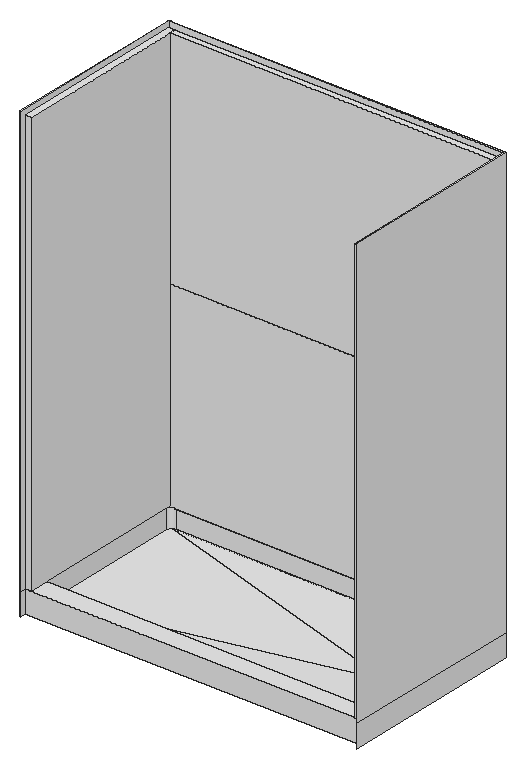
Revit family "5LBS6032FB.V2L-R", category Plumbing Fixtures, Revit 2019
Family settings
  Round Connector Dimension = Use Diameter
  Part Type = Normal
  OmniClass Number = 23.45.05.14.17
  OmniClass Title = Showers
  Work Plane-Based = No
  Always vertical = Yes
  Cut with Voids When Loaded = No
  Shared = No
  Room Calculation Point = No
Parameters (values of type "5LRS6032")
  Unit Width = 60"
  Unit Height = 80 1/2"
  Unit Depth = 33"
  URL = "http://www.bestbath.com/"
  Type Comments = "Remodeler"
  Model = "5LBS6032"
  Material [instance] = Best Bath Gelcoat Fiberglass - RealTile
  Manufacturer = "Best Bath Systems, Inc."
  Keynote = "22 40 00.B3"
  Description = "Real Tile Finish"
  Assembly Code = "D2010710"
Reference planes (in)
  plane 1: z = 0
  plane 2 "Left": x = 0
  plane 3: z = 79.5
  plane 4: z = 80.5
  plane 5: y = 4.36165
  plane 6: y = 36.36165
  plane 7: x = 60
  plane 8: y = 35.11165
  plane 9: y = 20.36165
  plane 10: z = 0.375
  plane 11: z = 0.75
  plane 12: z = 39.5
  plane 13: z = 4
  plane 14: y = 3.36165
  plane 15: x = 51.5
Forms (in)
  Extrusion 1, solid, material "Best Bath Gelcoat Fiberglass - Smooth"
    sketch origin (0, 0, 0) x (1, 0, 0) y (0, 1, 0)
      loop
        line (0, 4.36165) -> (60, 4.36165) -> (60, 36.36165) -> (0, 36.36165) -> (0, 4.36165)
      loop
        circle (51.5, 20.36165) r 2.125
    from 0 to 0.75
  Extrusion 2, solid, material "Best Bath Gelcoat Fiberglass - Smooth"
    sketch origin (0, 0, 0) x (1, 0, 0) y (0, 1, 0)
      loop
        line (1.25, 36.36165) -> (1.25, 35.11165) -> (58.75, 35.11165) -> (58.75, 36.36165) -> (1.25, 36.36165)
    from 4 to 39.5
  Blend 3, void
    base sketch origin (21.75, -0.01884, 0) x (1, 0, 0) y (0, 1, 0)
      loop
        line (-20.5, 8.38049) -> (37, 8.38049) -> (37, 35.11165) -> (-20.5, 35.11165) -> (-20.5, 8.38049)
    top sketch origin (21.75, -0.01884, 0) x (1, 0, 0) y (0, 1, 0)
      loop
        circle (30, 20.36165) r 0.07952
    from 0.75 to 0.375
  Extrusion 4, solid, material "Best Bath Gelcoat Fiberglass - Smooth"
    sketch origin (0, 0, 0) x (1, 0, 0) y (0, 1, 0)
      loop
        line (1.25, 36.36165) -> (1.25, 35.11165) -> (58.75, 35.11165) -> (58.75, 36.36165) -> (1.25, 36.36165)
    from 39.5 to 79.5
  Extrusion 5, solid, material "Best Bath Gelcoat Fiberglass - Smooth"
    sketch origin (0.25, 0, 0) x (1, 0, 0) y (0, 1, 0)
      loop
        line (-0.25, 4.36165) -> (1, 4.36165) -> (1, 36.36165) -> (-0.25, 36.36165) -> (-0.25, 4.36165)
      loop
        line (59.75, 4.36165) -> (59.75, 36.36165) -> (58.5, 36.36165) -> (58.5, 4.36165) -> (59.75, 4.36165)
    from 4 to 79.5
  Extrusion 6, solid, material "Best Bath Gelcoat Fiberglass - Smooth"
    sketch origin (0, 0, 0) x (1, 0, 0) y (0, 1, 0)
      loop
        line (0, 36.36165) -> (0, 4.36165) -> (1.25, 4.36165) -> (1.25, 34.11165)
        arc (1.25, 34.11165) -> (1.54289, 34.81875) -> (2.25, 35.11165) r 1
        line (2.25, 35.11165) -> (57.75, 35.11165)
        arc (57.75, 35.11165) -> (58.45711, 34.81875) -> (58.75, 34.11165) r 1
        line (58.75, 34.11165) -> (58.75, 4.36165) -> (60, 4.36165) -> (60, 35.11165) -> (60, 36.36165) -> (0, 36.36165)
    from 0 to 4
  Sweep 7, solid, material "Best Bath Gelcoat Fiberglass - Smooth"
    path origin (0, 0, 0) x (1, 0, 0) y (0, 1, 0)
      loop
        line (1.25, 4.36165) -> (58.75, 4.36165)
    profile origin (30, 4.36165, 0) x (0, 1, 0) y (0, 0, 1)
      loop
        line (0, 0) -> (4.15, 0) -> (3.35, 4) -> (0, 4) -> (0, 0)
  Extrusion 8, solid, material "Best Bath Gelcoat Fiberglass - Smooth"
    sketch origin (0, 0, 0) x (1, 0, 0) y (0, 1, 0)
      loop
        line (0, 4.36165) -> (0, 3.36165) -> (0.125, 3.36165) -> (0.125, 4.36165) -> (0, 4.36165)
      loop
        line (60, 4.36165) -> (59.875, 4.36165) -> (59.875, 3.36165) -> (60, 3.36165) -> (60, 4.36165)
    from 0 to 4
  Extrusion 9, solid, material "Best Bath Gelcoat Fiberglass - Smooth"
    sketch origin (0, 0, 0) x (1, 0, 0) y (0, 1, 0)
      loop
        line (0.125, 36.36165) -> (0.125, 36.23665) -> (59.875, 36.23665) -> (59.875, 36.36165) -> (0.125, 36.36165)
    from 79.5 to 80.5
  Extrusion 10, solid, material "Best Bath Gelcoat Fiberglass - Smooth"
    sketch origin (0, 0, 0) x (1, 0, 0) y (0, 1, 0)
      loop
        line (0, 3.36165) -> (0.125, 3.36165) -> (0.125, 36.36165) -> (0, 36.36165) -> (0, 3.36165)
      loop
        line (60, 3.36165) -> (60, 36.36165) -> (59.875, 36.36165) -> (59.875, 3.36165) -> (60, 3.36165)
    from 4 to 80.5
Cuts and joins
  Blend 3 cuts Extrusion 1
  joined: Extrusion 1, Extrusion 6, Sweep 7, Extrusion 8
  joined: Extrusion 4, Extrusion 9
  joined: Extrusion 5, Extrusion 10
Lines and regions (in)
  model lines
    curve 1: line (60, 36.36165, 0) -> (51.5, 36.36165, 0)
Dimensions and locks (in)
  locked: plane 4 to plane 3 at 1
  "Unit Height": plane 4 to level
  "Unit Width": plane 2 "Left" to plane 7
  plane 6 to plane 8 = 1 1/4"
  locked: plane 6 to plane 9 at 16
  locked: plane 11 to level at 0.75
  locked: plane 11 to plane 10 at 0.375
  locked: plane 12 to plane 13 at 35.5
  locked: plane 13 to level at 4
  locked: plane 5 to plane 14 at 1
  "Unit Depth": plane 6 to plane 14
  locked: plane 15 to plane 7 at 8.5
  aligned and locked: level to plane 1
  aligned and locked: Extrusion 1 sketch curve to plane 5
  aligned and locked: Extrusion 1 sketch curve to plane 2 "Left"
  aligned and locked: plane 6 to Extrusion 1 sketch curve
  aligned and locked: Extrusion 1 sketch curve to plane 7
  aligned and locked: plane 9 to Extrusion 1 sketch curve
  aligned and locked: plane 11 to Extrusion 1
  aligned and locked: Extrusion 1 to Blend 3
  aligned and locked: Blend 3 to plane 10
  aligned and locked: plane 12 to Extrusion 2
  aligned and locked: Extrusion 4 to Extrusion 2
  aligned and locked: plane 3 to Extrusion 4
  aligned and locked: plane 3 to Extrusion 5
  aligned and locked: plane 13 to Extrusion 6
  aligned and locked: Extrusion 5 to plane 13
  aligned and locked: plane 13 to cut or joined group of Extrusion 1, Blend 3, Extrusion 6, Sweep 7, Extrusion 8
  aligned and locked: Extrusion 2 to plane 13
  aligned and locked: Extrusion 8 to Extrusion 2
  aligned and locked: Extrusion 9 to plane 3
  aligned and locked: plane 4 to Extrusion 9
  aligned and locked: Extrusion 10 to Extrusion 2
  aligned and locked: plane 4 to Extrusion 10
Automatic sketch dimensions
  Extrusion 2 sketch curve to plane 8 = 0"
  Extrusion 2 sketch curve to plane 6 = 0"
  plane 2 "Left" to Extrusion 2 sketch curve = 1 1/4"
  plane 7 to Extrusion 2 sketch curve = 1 1/4"
  Extrusion 4 sketch curve to plane 8 = 0"
  Extrusion 4 sketch curve to plane 6 = 0"
  plane 2 "Left" to Extrusion 4 sketch curve = 1 1/4"
  plane 7 to Extrusion 4 sketch curve = 1 1/4"
  Extrusion 5 sketch curve to plane 2 "Left" = 0"
  Extrusion 5 sketch curve to plane 5 = 0"  (x2)
  Extrusion 5 sketch curve to plane 6 = 0"  (x2)
  Extrusion 5 sketch curve to plane 7 = 0"
  Extrusion 5 sketch curve to Extrusion 5 sketch curve = 1 1/4"
  Extrusion 6 sketch curve to plane 2 "Left" = 0"
  Extrusion 6 sketch curve to plane 5 = 0"  (x2)
  Extrusion 6 sketch curve to plane 8 = 0"  (x2)
  Extrusion 6 sketch curve to plane 7 = 0"
  Extrusion 6 sketch curve to plane 6 = 0"
  Extrusion 6 sketch curve to Extrusion 6 sketch curve = 1 1/4"
  Extrusion 6 sketch curve to Extrusion 6 sketch curve = 1"
  Extrusion 6 sketch curve to plane 8 = 1"
  plane 7 to Extrusion 6 sketch curve = 2 1/4"
  Sweep 7 sketch curve to plane 5 = 0"
  plane 2 "Left" to Sweep 7 sketch curve = 1 1/4"
  plane 7 to Sweep 7 sketch curve = 1 1/4"
  Sweep 7 sketch curve to profile plane = 0"
  Sweep 7 sketch curve to level = 0"
  Sweep 7 sketch curve to profile plane = 3.35"
  Sweep 7 sketch curve to profile plane = 4.15"
  level to Sweep 7 sketch curve = 4"
  Extrusion 8 sketch curve to plane 2 "Left" = 0"
  Extrusion 8 sketch curve to plane 14 = 0"  (x2)
  Extrusion 8 sketch curve to plane 5 = 0"  (x2)
  Extrusion 8 sketch curve to plane 7 = 0"
  plane 2 "Left" to Extrusion 8 sketch curve = 1/8"
  Extrusion 8 sketch curve to Extrusion 8 sketch curve = 1/8"
  Extrusion 9 sketch curve to plane 6 = 0"
  Extrusion 9 sketch curve to plane 6 = 1/8"
  plane 2 "Left" to Extrusion 9 sketch curve = 1/8"
  plane 7 to Extrusion 9 sketch curve = 1/8"
  curve 1 to plane 6 = 0"
  curve 1 to plane 7 = 0"
  plane 7 to curve 1 = 8 1/2"
  plane 7 to Extrusion 1 sketch curve = 8 1/2"
  Blend 3 sketch curve to plane 9 = 0.01884"
  plane 7 to Blend 3 sketch curve = 8 1/4"
  Blend 3 sketch curve to plane 8 = 0.01884"
  plane 2 "Left" to Blend 3 sketch curve = 1 1/4"
  plane 7 to Blend 3 sketch curve = 1 1/4"
  plane 5 to Blend 3 sketch curve = 4"
  plane 7 to Extrusion 5 sketch curve = 1 1/4"
  Extrusion 10 sketch curve to plane 2 "Left" = 0"
  Extrusion 10 sketch curve to plane 14 = 0"  (x2)
  Extrusion 10 sketch curve to plane 6 = 0"  (x2)
  Extrusion 10 sketch curve to plane 7 = 0"
  Extrusion 10 sketch curve to Extrusion 10 sketch curve = 1/8"
  plane 7 to Extrusion 10 sketch curve = 1/8"
  radius of Blend 3 sketch curve = 0.07952"
  radius of Extrusion 1 sketch curve = 2 1/8"
